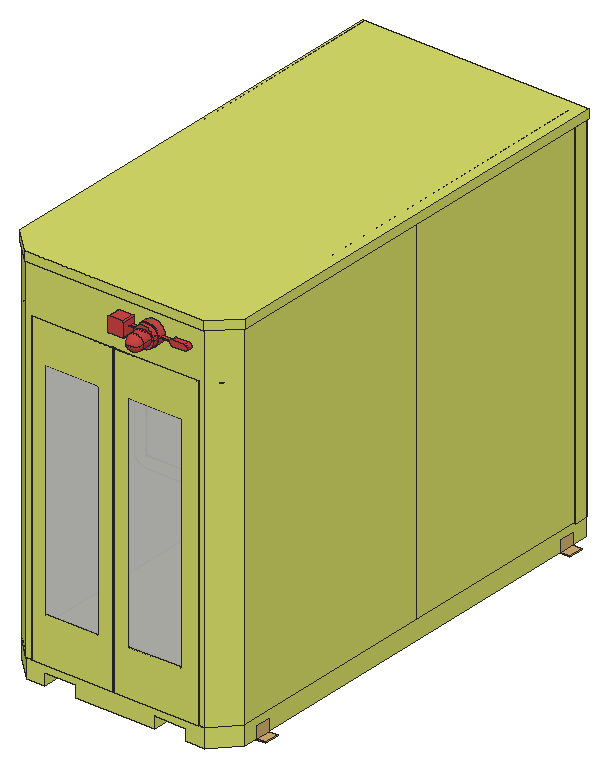
Revit family "Emergency_Equipment-Haws_Corporation-Shower_8710", category Plumbing Fixtures, Revit 2018
Family settings
  Round Connector Dimension = Use Diameter
  Part Type = Normal
  OmniClass Number = 23.45.05.14.17
  OmniClass Title = Showers
  Work Plane-Based = No
  Always vertical = Yes
  Cut with Voids When Loaded = No
  Shared = No
  Room Calculation Point = No
Parameters (values of type "8710 - Outdoor Heated Shower and Eye Face Wash Booth")
  Voltage = 480 V
  Width = 60"  # constant formula
  Vent Connection = no
  URL = "https://www.hawsco.com"
  Type Comments = ""
  Supply Diameter = 1 1/2"  # constant formula
  Sanitary Diameter = 2 3/4"  # constant formula
  Product data url = "https://bimobject.com/hawscorporation/product/haws-8710"
  Product Guid = "3e56c4ea-f3fe-4c8f-8027-c02a97e44249"
  Power Factor = 1  # constant formula
  Phase = 3
  Number of Poles = 1
  Model = "8710"  # constant formula
  Manufacturer = "Haws Corporation"  # constant formula
  Keynote = "12500"
  Height = 102"  # constant formula
  Flow = 20 GPM
  Finish = Metal - Haws Corporation - Green
  Edition number = 1
  Description = "Outdoor Tempered Shower and Eye/Face Wash System"  # constant formula
  Depth = 120"  # constant formula
  Assembly Code = "D2010710"
  Apparent Load = Voltage * 1 A  # 480 VA
Reference planes (in)
  plane 1 "Center Front/Back": y = 0
  plane 2 "Bottom": z = 0
  plane 3 "Center Left/Right": x = 0
  plane 4 "Top": z = 102
  plane 5 "Left": x = -30
  plane 6 "Right": x = 30
  plane 7 "Front": y = -60.5
  plane 8 "Back": y = 59.5
  plane 9: y = -55
  plane 10: z = 96.90625
  plane 11: z = 56.46875
  plane 12: x = -18.125
  plane 13: x = 18.125
  plane 14: z = 101.5
  plane 15: x = 20
  plane 16: z = 75.5
  plane 17: y = 52.5
  plane 18: y = -48.5
  plane 19: z = 82
  plane 20: z = 85
  plane 21: x = 22.875
  plane 22: z = 8
Forms (in)
  Extrusion 1, solid, material "Metal - Haws Corporation - Brass"
    sketch origin (0, 0.3125, 0) x (1, 0, 0) y (0, 0, 1)
      loop
        line (-29.875, 0.1875) -> (-32.1875, 0.1875) -> (-32.1875, 0) -> (-29.6875, 0) -> (-29.6875, 3.2495) -> (-29.875, 3.2495) -> (-29.875, 0.1875)
      loop
        line (29.875, 0.1875) -> (29.875, 3.2495) -> (29.6875, 3.2495) -> (29.6875, 0) -> (32.1875, 0) -> (32.1875, 0.1875) -> (29.875, 0.1875)
    from -54.1875 to -50.1875
  Extrusion 2, solid, material "Metal - Haws Corporation - Brass"
    sketch origin (1.5625, 59.5, 0.65625) x (0, 0, 1) y (-1, 0, 0)
      loop
        line (76.46124, -18.79783) -> (76.24228, -17.54855) -> (75.20408, -16.82001) -> (73.9548, -17.03897) -> (73.22626, -18.07717) -> (73.44522, -19.32645) -> (74.48342, -20.05499) -> (75.7327, -19.83603) -> (76.46124, -18.79783)
    from -3.8225 to -2.8025
  Extrusion 3, solid, material "Metal - Haws Corporation - Brass"
    sketch origin (1.5625, 59.5, 0.65625) x (0, 0, 1) y (-1, 0, 0)
      loop
        line (75.88283, -17.77703) -> (75.11147, -17.23574) -> (74.18328, -17.39842) -> (73.64199, -18.16978) -> (73.80467, -19.09797) -> (74.57603, -19.63926) -> (75.50422, -19.47658) -> (76.04551, -18.70522) -> (75.88283, -17.77703)
    from -4.684 to -1.9375
  Extrusion 4, solid, material "Metal - Haws Corporation - Smokey Pearl"
    sketch origin (1.5625, 59.5, 0.65625) x (0, 0, 1) y (-1, 0, 0)
      loop
        circle (74.84375, -18.4375) r 1
    from 0.3125 to -1.9375
  Extrusion 5, void
    sketch origin (0, 0, 0) x (1, 0, 0) y (0, 0, 1)
      loop
        line (-18.8375, 3.05) -> (-18.8375, 0) -> (-10.5375, 0) -> (-10.5375, 3.05) -> (-18.8375, 3.05)
      loop
        line (18.8375, 3.05) -> (10.5375, 3.05) -> (10.5375, 0) -> (18.8375, 0) -> (18.8375, 3.05)
    from -66.58147 to 64.88087
  Revolve 6, solid, material "Metal - Haws Corporation - Red Powder Coating"
    sketch origin (-71.81029, -45.41027, 94.71875) x (1, 0, 0) y (0, 1, 0)
      loop
        line (84.08243, -20.94402) -> (84.08243, -18.27723) -> (84.80379, -18.27723) -> (84.80379, -17.02723) -> (84.58804, -17.02723) -> (84.58804, -16.90223) -> (84.98129, -16.90223) -> (84.98129, -14.79627) -> (82.06629, -14.79627) -> (82.06629, -22.96015)
        arc (82.06629, -22.96015) -> (83.49192, -22.36964) -> (84.08243, -20.94402) r 2.01614
      axis (82.06629, -22.96015) -> (82.06629, -14.79627)
    angle from 0 to 360
  Extrusion 7, solid, material "Metal - Haws Corporation - Red Powder Coating"
    sketch origin (-6.88125, -6.75, 0) x (1, 0, 0) y (0, 0, 1)
      loop
        line (11.73333, 96.8145) -> (8.20902, 96.8145)
        arc (8.20902, 96.8145) -> (7.99514, 96.72591) -> (7.90654, 96.51202) r 0.30248
        line (7.90654, 96.51202) -> (7.90654, 92.98648)
        arc (7.90654, 92.98648) -> (7.9947, 92.77365) -> (8.20752, 92.6855) r 0.30098
        line (8.20752, 92.6855) -> (11.73239, 92.6855)
        arc (11.73239, 92.6855) -> (11.94675, 92.77429) -> (12.03554, 92.98866) r 0.30316
        line (12.03554, 92.98866) -> (12.03554, 96.51228)
        arc (12.03554, 96.51228) -> (11.94703, 96.72598) -> (11.73333, 96.8145) r 0.30222
    from 53.75 to 57.10823
  Extrusion 8, solid, material "Metal - Haws Corporation - Red Powder Coating"
    sketch origin (53.11875, -14.75, 45.78125) x (1, 0, 0) y (0, 0, 1)
      loop
        line (-33.36743, 49.73375) -> (-36.50433, 49.73375)
        arc (-36.50433, 49.73375) -> (-37.26933, 48.96875) -> (-36.50433, 48.20375) r 0.765
        line (-36.50433, 48.20375) -> (-33.36743, 48.20375)
        arc (-33.36743, 48.20375) -> (-32.60243, 48.96875) -> (-33.36743, 49.73375) r 0.765
    from 45.75 to 47.125
  Sweep 9, solid, material "Metal - Haws Corporation - Red Powder Coating"
    path origin (473.11875, -39.15945, 94.78125) x (0, -1, 0) y (1, 0, 0)
      loop
        line (22.02805, -456.68904) -> (22.02805, -468.43904)
    profile origin (10.55471, -61.1875, 94.78125) x (0, -1, 0) y (0, 0, 1)
      loop
        circle (0, 0) r 0.38267
  Extrusion 10, solid, material "Metal - Haws Corporation - Green" <- "Finish"
    sketch origin (480, -33.03445, 96.40625) x (0, -1, 0) y (1, 0, 0)
      loop
        line (-91.90945, -510) -> (-88.22195, -510) -> (-88.22195, -450) -> (-91.90945, -450)
        arc (-91.90945, -450) -> (-92.13042, -450.09153) -> (-92.22195, -450.3125) r 0.3125
        line (-92.22195, -450.3125) -> (-92.22195, -509.6875)
        arc (-92.22195, -509.6875) -> (-92.13042, -509.90847) -> (-91.90945, -510) r 0.3125
    from -91.40625 to 3.28125
  Extrusion 11, solid, material "Metal - Haws Corporation - Green" <- "Finish"
    sketch origin (480, -33.03445, 96.40625) x (0, -1, 0) y (1, 0, 0)
      loop
        line (-36.03445, -509.6875) -> (21.1682, -509.6875) -> (27.15305, -503.70265) -> (27.15305, -502.16929) -> (26.95305, -502.16929) -> (26.95305, -503.61981) -> (21.08849, -509.48438) -> (-36.03445, -509.48438) -> (-36.03445, -509.6875)
      loop
        line (-36.03445, -450.3125) -> (-36.03445, -450.51562) -> (21.08849, -450.51562) -> (26.95305, -456.38019) -> (26.95305, -457.83071) -> (27.15305, -457.83071) -> (27.15305, -456.29735) -> (21.1682, -450.3125) -> (-36.03445, -450.3125)
    from -91.40625 to -9.40625
  Extrusion 12, solid, material "Metal - Haws Corporation - Green" <- "Finish"
    sketch origin (480, -33.03445, 96.40625) x (0, -1, 0) y (1, 0, 0)
      loop
        line (27.15305, -456.29735) -> (21.1682, -450.3125) -> (20.00984, -450.3125) -> (20.00984, -450.51562) -> (21.19455, -450.51562) -> (27.05305, -456.37412) -> (27.05305, -503.62588) -> (21.19455, -509.48438) -> (20.00984, -509.48438) -> (20.00984, -509.6875) -> (21.1682, -509.6875) -> (27.15305, -503.70265) -> (27.15305, -456.29735)
    from -9.40625 to 3.28125
  Sweep 13, solid, material "Metal - Haws Corporation - Green" <- "Finish"
    path origin (0, 0, 102) x (0, 1, 0) y (-1, 0, 0)
      loop
        line (-53.08945, 27) -> (-57.5, 22.58945) -> (-57.5, -22.58945) -> (-53.08945, -27) -> (56.5, -27) -> (56.5, 27) -> (-53.08945, 27)
    profile origin (-27, 1.70527, 102) x (-1, 0, 0) y (0, 0, 1)
      loop
        line (0, -0.25) -> (2.73437, -0.25) -> (2.73437, -2.3125) -> (3, -2.3125) -> (3, 0) -> (0, 0) -> (0, -0.25)
  Extrusion 14, solid, material "Metal - Haws Corporation - Green" <- "Finish"
    sketch origin (-60.54339, -156, 101.5) x (-1, 0, 0) y (0, -1, 0)
      loop
        line (-30.85589, -212.5) -> (-30.85589, -159) -> (-90.23089, -159) -> (-90.23089, -212.5) -> (-30.85589, -212.5)
    from -96.5 to 0
  Extrusion 15, solid, material "Glazing - Haws Corporation - Glass"
    sketch origin (0, 0, 0) x (1, 0, 0) y (0, 0, 1)
      loop
        arc (-18.51239, 17.58147) -> (-18.40276, 17.31662) -> (-18.13791, 17.20699) r 0.37429
        line (-18.13791, 17.20699) -> (-4.67584, 17.20699)
        arc (-4.67584, 17.20699) -> (-4.41099, 17.31662) -> (-4.30136, 17.58147) r 0.37429
        line (-4.30136, 17.58147) -> (-4.30136, 76.04353)
        arc (-4.30136, 76.04353) -> (-4.41099, 76.30838) -> (-4.67584, 76.41801) r 0.37429
        line (-4.67584, 76.41801) -> (-18.13791, 76.41801)
        arc (-18.13791, 76.41801) -> (-18.40276, 76.30838) -> (-18.51239, 76.04353) r 0.37429
        line (-18.51239, 76.04353) -> (-18.51239, 17.58147)
      loop
        arc (4.05084, 76.41801) -> (3.78599, 76.30838) -> (3.67636, 76.04353) r 0.37429
        line (3.67636, 76.04353) -> (3.67636, 17.58147)
        arc (3.67636, 17.58147) -> (3.78599, 17.31662) -> (4.05084, 17.20699) r 0.37429
        line (4.05084, 17.20699) -> (17.51291, 17.20699)
        arc (17.51291, 17.20699) -> (17.77776, 17.31662) -> (17.88739, 17.58147) r 0.37429
        line (17.88739, 17.58147) -> (17.88739, 76.04353)
        arc (17.88739, 76.04353) -> (17.77776, 76.30838) -> (17.51291, 76.41801) r 0.37429
        line (17.51291, 76.41801) -> (4.05084, 76.41801)
    from 60.32163 to 60.1875
  Extrusion 16, solid, material "Metal - Haws Corporation - Brass"
    sketch origin (0, 0.3125, 0) x (1, 0, 0) y (0, 0, 1)
      loop
        line (-32.1875, 0) -> (-29.6875, 0) -> (-29.6875, 3.2495) -> (-29.875, 3.2495) -> (-29.875, 0.1875) -> (-32.1875, 0.1875) -> (-32.1875, 0)
      loop
        line (32.1875, 0.1875) -> (29.875, 0.1875) -> (29.875, 3.2495) -> (29.6875, 3.2495) -> (29.6875, 0) -> (32.1875, 0) -> (32.1875, 0.1875)
    from 50.8125 to 46.8125
  Extrusion 17, solid, material "Metal - Haws Corporation - Green" <- "Finish"
    sketch origin (0, 0, 0) x (1, 0, 0) y (0, 0, 1)
      loop
        line (-0.57999, 5) -> (-0.57999, 87) -> (-22.16929, 87) -> (-22.16929, 5) -> (-0.57999, 5)
      loop
        line (-0.04501, 87) -> (-0.04501, 5) -> (22.16929, 5) -> (22.16929, 87) -> (-0.04501, 87)
      loop
        line (-4.67584, 76.41801) -> (-18.13791, 76.41801)
        arc (-18.13791, 76.41801) -> (-18.40276, 76.30838) -> (-18.51239, 76.04353) r 0.37429
        line (-18.51239, 76.04353) -> (-18.51239, 17.58147)
        arc (-18.51239, 17.58147) -> (-18.40276, 17.31662) -> (-18.13791, 17.20699) r 0.37429
        line (-18.13791, 17.20699) -> (-4.67584, 17.20699)
        arc (-4.67584, 17.20699) -> (-4.41099, 17.31662) -> (-4.30136, 17.58147) r 0.37429
        line (-4.30136, 17.58147) -> (-4.30136, 76.04353)
        arc (-4.30136, 76.04353) -> (-4.41099, 76.30838) -> (-4.67584, 76.41801) r 0.37429
      loop
        line (17.51291, 76.41801) -> (4.05084, 76.41801)
        arc (4.05084, 76.41801) -> (3.78599, 76.30838) -> (3.67636, 76.04353) r 0.37429
        line (3.67636, 76.04353) -> (3.67636, 17.58147)
        arc (3.67636, 17.58147) -> (3.78599, 17.31662) -> (4.05084, 17.20699) r 0.37429
        line (4.05084, 17.20699) -> (17.51291, 17.20699)
        arc (17.51291, 17.20699) -> (17.77776, 17.31662) -> (17.88739, 17.58147) r 0.37429
        line (17.88739, 17.58147) -> (17.88739, 76.04353)
        arc (17.88739, 76.04353) -> (17.77776, 76.30838) -> (17.51291, 76.41801) r 0.37429
    from 60.1875 to 60.32163
  Sweep 18, solid, material "Metal - Haws Corporation - Green" <- "Finish"
    path origin (0, -55, 126) x (0, 0, 1) y (-1, 0, 0)
      loop
        arc (-51.46875, -4.49375) -> (-51.61337, -4.14462) -> (-51.9625, -4) r 0.49375
        line (-51.9625, -4) -> (-65.0375, -4)
        arc (-65.0375, -4) -> (-65.38663, -4.14462) -> (-65.53125, -4.49375) r 0.49375
        line (-65.53125, -4.49375) -> (-65.53125, -13.63125)
        arc (-65.53125, -13.63125) -> (-65.38663, -13.98038) -> (-65.0375, -14.125) r 0.49375
        line (-65.0375, -14.125) -> (-51.9625, -14.125)
        arc (-51.9625, -14.125) -> (-51.61337, -13.98038) -> (-51.46875, -13.63125) r 0.49375
        line (-51.46875, -13.63125) -> (-51.46875, -4.49375)
    profile origin (9.0625, -55, 74.53125) x (0, 0, 1) y (0, -1, 0)
      loop
        line (3, -0.25) -> (3, 0) -> (0.03125, 0)
        arc (0.03125, 0) -> (0.00915, -0.00915) -> (0, -0.03125) r 0.03125
        line (0, -0.03125) -> (0, -0.21875)
        arc (0, -0.21875) -> (0.00915, -0.24085) -> (0.03125, -0.25) r 0.03125
        line (0.03125, -0.25) -> (3, -0.25)
  Extrusion 19, solid, material "Metal - Haws Corporation - Green" <- "Finish"
    sketch origin (0, 0, 102) x (0, 1, 0) y (-1, 0, 0)
      loop
        line (-53.08945, 27) -> (-57.5, 22.58945) -> (-57.5, -22.58945) -> (-53.08945, -27) -> (56.5, -27) -> (56.5, 27) -> (-53.08945, 27)
    from -0.5 to 0
  Extrusion 20, solid, material "Metal - Haws Corporation - Green" <- "Finish"
    sketch origin (480, -33.03445, 108.90125) x (0, -1, 0) y (1, 0, 0)
      loop
        line (-36.03445, -509.6875) -> (20.00984, -509.6875) -> (20.00984, -509.48438) -> (-36.03445, -509.48438) -> (-36.03445, -509.6875)
      loop
        line (-36.03445, -450.3125) -> (-36.03445, -450.51562) -> (20.00984, -450.51562) -> (20.00984, -450.3125) -> (-36.03445, -450.3125)
    from -21.90125 to -9.21375
  Extrusion 21, solid, material "Metal - Haws Corporation - Green" <- "Finish"
    sketch origin (0, 0, 0) x (1, 0, 0) y (0, 1, 0)
      loop
        line (-29.6875, 59.1875) -> (-29.6875, -54.15088) -> (-23.65088, -60.1875) -> (23.65088, -60.1875) -> (29.6875, -54.15088) -> (29.6875, 59.1875) -> (-29.6875, 59.1875)
    from 0 to 5
  Revolve 22, solid, material "Metal - Haws Corporation - Smokey Pearl"
    sketch origin (22.875, -180, 96) x (0, 0, 1) y (0, -1, 0)
      loop
        line (-14, -239.1875) -> (-14, -244.1875) -> (-13.27, -244.1875) -> (-13.27, -243.7275) -> (-13.19735, -243.7275) -> (-13.19735, -243.1975) -> (-13.40497, -243.1975) -> (-13.40497, -242.7375) -> (-13.47656, -242.7375) -> (-13.47656, -239.1875) -> (-14, -239.1875)
      axis (-14, -244.1875) -> (-14, -239.1875)
    angle from 0 to 360
  Revolve 23, solid, material "Metal - Haws Corporation - Smokey Pearl"
    sketch origin (22.875, -180, 99) x (0, 0, 1) y (0, -1, 0)
      loop
        line (-14, -239.1875) -> (-14, -244.1875) -> (-13.27, -244.1875) -> (-13.27, -243.7275) -> (-13.19735, -243.7275) -> (-13.19735, -243.1975) -> (-13.40497, -243.1975) -> (-13.40497, -242.7375) -> (-13.47656, -242.7375) -> (-13.47656, -239.1875) -> (-14, -239.1875)
      axis (-14, -244.1875) -> (-14, -239.1875)
    angle from 0 to 360
  Revolve 24, solid, material "Metal - Haws Corporation - Brass"
    sketch origin (20.01094, -180, 22) x (0, 0, 1) y (0, -1, 0)
      loop
        line (-14, -239.1875) -> (-14, -244.1875) -> (-13.18038, -244.1875) -> (-13.18038, -243.529) -> (-12.7773, -243.529) -> (-12.7773, -242.714) -> (-13.18038, -242.714) -> (-13.18038, -242.059) -> (-13.3272, -242.059) -> (-13.3272, -239.1875) -> (-14, -239.1875)
      axis (-14, -244.1875) -> (-14, -239.1875)
    angle from 0 to 360
  Extrusion 25, solid, detail levels medium+fine
    sketch origin (0, 0, 0) x (1, 0, 0) y (0, 1, 0)
      loop
        circle (0, -30.5) r 1.5
    from 0 to 1.5134
Cuts and joins
  joined: Extrusion 17, Sweep 18
  joined: Extrusion 2, Extrusion 3
  Extrusion 5 cuts Extrusion 21
  joined: Sweep 13, Extrusion 19
  joined: Extrusion 11, Extrusion 12, Extrusion 20
Lines and regions (in)
  Masking region 1
    outline origin (0, 0, 0) x (1, 0, 0) y (0, 1, 0)
      loop
        line (-30, 59.5) -> (-30, -54.3321) -> (-23.8321, -60.5) -> (23.8321, -60.5) -> (30, -54.3321) -> (30, 59.5) -> (-30, 59.5)
  Masking region 2, detail levels medium+fine
    outline origin (1.5625, 0, 0) x (1, 0, 0) y (0, 1, 0)
      loop
        line (-33.75, -46.5) -> (-33.75, -50.5) -> (-31.5625, -50.5) -> (-31.5625, -46.5) -> (-33.75, -46.5)
      loop
        line (28.4375, -46.5) -> (28.4375, -50.5) -> (30.625, -50.5) -> (30.625, -46.5) -> (28.4375, -46.5)
      loop
        line (-33.75, 54.5) -> (-33.75, 50.5) -> (-31.5625, 50.5) -> (-31.5625, 54.5) -> (-33.75, 54.5)
      loop
        line (28.4375, 50.5) -> (30.625, 50.5) -> (30.625, 54.5) -> (28.4375, 54.5) -> (28.4375, 50.5)
  Masking region 3, detail levels medium+fine
    outline origin (0, -18.5, 0) x (1, 0, 0) y (0, 1, 0)
      loop
        line (1.02062, -42) -> (1.02062, -45.35823) -> (5.15551, -45.35823) -> (5.15551, -43.0702) -> (7.341, -43.0702) -> (7.341, -43.8125) -> (7.73425, -43.8125) -> (7.73425, -43.9375) -> (7.5185, -43.9375) -> (7.5185, -45.1875) -> (8.23986, -45.1875) -> (8.23986, -47.85429)
        arc (8.23986, -47.85429) -> (8.83038, -49.27991) -> (10.256, -49.87043) r 2.01614
        arc (10.256, -49.87043) -> (11.68162, -49.27991) -> (12.27214, -47.85429) r 2.01614
        line (12.27214, -47.85429) -> (12.27214, -45.1875) -> (12.9935, -45.1875) -> (12.9935, -43.9375) -> (12.77775, -43.9375) -> (12.77775, -43.8125) -> (13.171, -43.8125) -> (13.171, -43.06923) -> (15.84717, -43.06923) -> (15.84717, -43.375) -> (20.5239, -43.375) -> (20.5239, -42) -> (15.84579, -42) -> (15.84579, -42.30389) -> (13.171, -42.30389) -> (13.171, -42) -> (7.341, -42) -> (7.341, -42.30417) -> (5.15539, -42.30417) -> (5.15539, -42) -> (1.02062, -42)
  Masking region 4, detail levels medium+fine
    outline origin (1.5625, 5.5, 102) x (0, 1, 0) y (-1, 0, 0)
      loop
        line (58.684, -17.23531) -> (57.8225, -17.23531) -> (57.8225, -16.81981) -> (56.8025, -16.81981) -> (56.8025, -17.23569) -> (55.9375, -17.23569) -> (55.9375, -17.4375) -> (54, -17.4375) -> (54, -19.4375) -> (55.9375, -19.4375) -> (55.9375, -19.63926) -> (56.80214, -19.63926) -> (56.80214, -20.05548) -> (57.8225, -20.05548) -> (57.8225, -19.6403) -> (58.684, -19.6403) -> (58.684, -17.23531)
  Masking region 5, detail levels medium+fine
    outline origin (4.42656, 5.5, 102) x (0, 1, 0) y (-1, 0, 0)
      loop
        line (58.6875, -18.44844) -> (58.6875, -17.71844) -> (58.2275, -17.71844) -> (58.2275, -17.64579) -> (57.6975, -17.64579) -> (57.6975, -17.85341) -> (57.2375, -17.85341) -> (57.2375, -17.925) -> (54, -17.925) -> (54, -18.97188) -> (57.2375, -18.97188) -> (57.2375, -19.04347) -> (57.6975, -19.04347) -> (57.6975, -19.25109) -> (58.2275, -19.25109) -> (58.2275, -19.17844) -> (58.6875, -19.17844) -> (58.6875, -18.44844)
  symbolic lines, detail levels fine
    curve 1: line (5.15539, -60.80417, 0) -> (5.15539, -61.55417, 0)
    curve 2: line (18.78125, 62.3025, 102) -> (21.21875, 62.3025, 102)
    curve 3: line (19, 61.4375, 102) -> (21, 61.4375, 102)
    curve 4: line (12.27214, -63.6875, 102) -> (8.23986, -63.6875, 102)
    curve 5: line (7.73425, -62.3125, 102) -> (12.77775, -62.3125, 102)
    curve 6: line (7.73425, -62.4375, 102) -> (12.9935, -62.4375, 102)
    curve 7: arc (7.341, -60.80417, 102) -> (7.44635, -61.18718, 102) -> (7.341, -61.5702, 102) r 0.74892
    curve 8: arc (13.171, -60.80389, 102) -> (13.07868, -61.18656, 102) -> (13.171, -61.56923, 102) r 0.83926
    curve 9: line (22.07235, 63.7275, 102) -> (23.605, 63.7275, 102)
    curve 10: line (22.27997, 63.1975, 102) -> (23.67765, 63.1975, 102)
    curve 11: line (22.35156, 62.7375, 102) -> (23.39844, 62.7375, 102)
    curve 12: line (18.79781, 63.3225, 102) -> (21.2028, 63.3225, 102)
Dimensions and locks (in)
  locked: Extrusion 8 to Extrusion 8 at 1.375
  "Height": plane 4 "Top" to plane 2 "Bottom"
  locked: plane 4 "Top" to plane 10 at 5.09375
  "Depth": plane 7 "Front" to plane 8 "Back"
  locked: plane 7 "Front" to plane 9 at 5.5
  equal spacing: plane 5 "Left", plane 3 "Center Left/Right", plane 6 "Right"
  "Width": plane 5 "Left" to plane 6 "Right"
  locked: plane 5 "Left" to plane 12 at 11.875
  locked: plane 13 to plane 6 "Right" at 11.875
  plane 3 "Center Left/Right" to Extrusion 5 sketch curve to Extrusion 5 sketch curve = 10.5375", 8.3"
  Extrusion 5 sketch curve to plane 2 "Bottom" = 3.05"
  Extrusion 16 sketch curve to Extrusion 16 sketch curve to plane 2 "Bottom" = 3.062", 3/16" locked
  Extrusion 16 sketch curve to plane 5 "Left" to Extrusion 16 sketch curve = 1/8", 2 3/16"
  locked: plane 4 "Top" to plane 14 at 0.5
  locked: plane 1 "Center Front/Back" to Extrusion 14 sketch curve at 3
  locked: plane 5 "Left" to Extrusion 10 sketch curve at 0.3125
  locked: Extrusion 10 sketch curve to plane 6 "Right" at 0.3125
  Extrusion 2 to Extrusion 2 to Extrusion 3 to plane 8 "Back" = 1.02", 0.865", 1 15/16"
  Extrusion 12 sketch curve to plane 9 = 5.0875"  (x2)
  plane 3 "Center Left/Right" to Extrusion 17 sketch curve to Extrusion 17 sketch curve = 0.04501", 0.53497"
  Sweep 18 sketch curve to Sweep 18 sketch curve to Sweep 18 sketch curve to profile plane = 1/32" locked, 3/16" locked, 1/32" locked
  profile plane to Sweep 18 sketch curve to Sweep 18 sketch curve to Sweep 18 sketch curve = 1/32" locked, 0" locked, 2 31/32" locked
  Sweep 18 sketch curve to Sweep 18 sketch curve to Sweep 18 sketch curve = 0.49375" locked, 0" locked
  Sweep 18 sketch curve to Sweep 18 sketch curve to Sweep 18 sketch curve to plane 11 = 0" locked, 0.49375" locked, 4" locked
  Sweep 18 sketch curve to Sweep 18 sketch curve to Sweep 18 sketch curve to Sweep 18 sketch curve to plane 3 "Center Left/Right" = 0" locked, 9.1375" locked, 0" locked, 4.49375" locked
  plane 9 to Extrusion 7 = 8.85823"
  Sweep 9 sketch curve to Sweep 9 sketch curve to plane 13 = 11 3/4", 1.69529"
  plane 9 to Sweep 9 sketch curve = 5.80483"
  locked: plane 15 to plane 6 "Right" at 10
  locked: plane 16 to plane 2 "Bottom" at 75.5
  plane 5 "Left" to Sweep 13 sketch curve = 3"
  Sweep 13 sketch curve to plane 6 "Right" = 3"
  locked: plane 17 to plane 8 "Back" at 7
  locked: plane 7 "Front" to plane 18 at 12
  Sweep 13 sketch curve to plane 7 "Front" = 3"
  locked: plane 19 to plane 2 "Bottom" at 82
  locked: plane 20 to plane 2 "Bottom" at 85
  locked: plane 21 to plane 6 "Right" at 7.125
  locked: plane 22 to plane 2 "Bottom" at 8
  locked: plane 7 "Front" to Extrusion 25 sketch curve at 30
  radius of Extrusion 4 sketch curve = 1"
  aligned and locked: level to plane 2 "Bottom"
  aligned and locked: plane 2 "Bottom" to Extrusion 5 sketch curve
  aligned and locked: profile plane to plane 4 "Top"
  aligned and locked: plane 14 to Extrusion 14
  aligned and locked: Extrusion 10 sketch curve to plane 5 "Left"
  aligned and locked: Extrusion 4 to Extrusion 3
  aligned and locked: Sweep 18 sketch curve to profile plane
  aligned and locked: profile plane to Sweep 18 sketch curve
  aligned and locked: profile plane to Sweep 9 sketch curve  (x2)
  aligned and locked: Extrusion 19 to plane 14
  aligned and locked: plane 4 "Top" to Extrusion 19
  aligned and locked: plane 5 "Left" to Masking region 1 sketch curve
  aligned and locked: Masking region 1 sketch curve to plane 6 "Right"
  aligned and locked: Masking region 2 sketch curve to Extrusion 16  (x4)
  aligned and locked: Masking region 2 sketch curve to Extrusion 1  (x3)
  aligned and locked: Extrusion 1 to Masking region 2 sketch curve
  aligned and locked: Masking region 3 to curve 1
  aligned and locked: curve 1 to Masking region 3
  aligned and locked: Masking region 4 to curve 2
  aligned and locked: Masking region 4 to curve 3
Automatic sketch dimensions
  curve 1 to curve 1 = 3/4"
  Extrusion 1 sketch curve to level = 0"  (x2)
  level to Extrusion 1 sketch curve = 3/16"  (x2)
  Extrusion 1 sketch curve to plane 5 "Left" = 2 3/16"
  plane 5 "Left" to Extrusion 1 sketch curve = 1/8"
  Extrusion 1 sketch curve to Extrusion 1 sketch curve = 3/16"
  Extrusion 1 sketch curve to plane 6 "Right" = 5/16"
  Extrusion 1 sketch curve to plane 6 "Right" = 1/8"
  plane 6 "Right" to Extrusion 1 sketch curve = 2 3/16"
  Extrusion 1 sketch curve to Extrusion 1 sketch curve = 3.062"  (x2)
  Extrusion 2 sketch curve to plane 15 = 0.36033"
  Extrusion 2 sketch curve to plane 16 = 1.61749"
  Extrusion 2 sketch curve to Extrusion 2 sketch curve = 0.21896"
  Extrusion 2 sketch curve to plane 16 = 0.88895"
  Extrusion 2 sketch curve to plane 16 = 0.36033"
  plane 16 to Extrusion 2 sketch curve = 0.36033"
  plane 16 to Extrusion 2 sketch curve = 0.88895"
  Extrusion 2 sketch curve to Extrusion 2 sketch curve = 1.0382"  (x2)
  plane 15 to Extrusion 2 sketch curve = 0.36033"
  Extrusion 2 sketch curve to Extrusion 2 sketch curve = 0.72855"
  plane 15 to Extrusion 2 sketch curve = 0.88895"
  Extrusion 2 sketch curve to plane 21 = 1.25751"
  Extrusion 2 sketch curve to plane 15 = 0.88895"
  plane 13 to Extrusion 2 sketch curve = 0.47647"
  plane 13 to Extrusion 2 sketch curve = 0.25751"
  Extrusion 3 sketch curve to plane 15 = 0.26772"
  Extrusion 3 sketch curve to plane 16 = 1.20176"
  Extrusion 3 sketch curve to Extrusion 3 sketch curve = 0.16268"  (x2)
  Extrusion 3 sketch curve to plane 16 = 0.66047"
  Extrusion 3 sketch curve to plane 16 = 0.26772"
  plane 16 to Extrusion 3 sketch curve = 0.26772"
  plane 16 to Extrusion 3 sketch curve = 0.66047"
  Extrusion 3 sketch curve to Extrusion 3 sketch curve = 0.77136"  (x2)
  plane 15 to Extrusion 3 sketch curve = 0.26772"
  Extrusion 3 sketch curve to Extrusion 3 sketch curve = 0.54129"
  plane 15 to Extrusion 3 sketch curve = 0.66047"
  Extrusion 3 sketch curve to plane 15 = 0.66047"
  plane 13 to Extrusion 3 sketch curve = 107/128"
  plane 13 to Extrusion 3 sketch curve = 0.67324"
  Extrusion 4 sketch curve to plane 15 = 0"
  Extrusion 4 sketch curve to plane 16 = 0"
  Extrusion 5 sketch curve to level = 0"
  Extrusion 5 sketch curve to plane 13 = 7.5875"
  plane 13 to Extrusion 5 sketch curve = 0.7125"
  Extrusion 5 sketch curve to Extrusion 5 sketch curve = 3.05"
  Revolve 6 sketch curve to plane 13 = 7.869"
  Revolve 6 sketch curve to Revolve 6 sketch curve = 2.01614"
  Revolve 6 sketch curve to Revolve 6 sketch curve = 0.50561"
  Revolve 6 sketch curve to Revolve 6 sketch curve = 0.21575"
  Revolve 6 sketch curve to plane 7 "Front" = 0.29345"
  Revolve 6 sketch curve to Revolve 6 sketch curve = 0.39325"
  plane 7 "Front" to Revolve 6 sketch curve = 1 13/16"
  Revolve 6 sketch curve to Revolve 6 sketch curve = 1/8"
  Revolve 6 sketch curve to Revolve 6 sketch curve = 1 1/4"
  Revolve 6 sketch curve to Revolve 6 sketch curve = 2.66679"
  Revolve 6 sketch curve to Revolve 6 sketch curve = 0"
  plane 7 "Front" to Revolve 6 sketch curve = 1"
  Revolve 6 sketch curve to Revolve 6 sketch curve = 0.20655"
  Extrusion 7 sketch curve to plane 10 = 0.39423"
  plane 3 "Center Left/Right" to Extrusion 7 sketch curve = 1.02529"
  Extrusion 7 sketch curve to Extrusion 7 sketch curve = 0.30098"
  Extrusion 7 sketch curve to Extrusion 7 sketch curve = 0.30248"
  Extrusion 7 sketch curve to Extrusion 7 sketch curve = 3.52487"
  Extrusion 7 sketch curve to plane 10 = 0.39397"
  Extrusion 7 sketch curve to Extrusion 7 sketch curve = 0.00094"
  Extrusion 7 sketch curve to Extrusion 7 sketch curve = 3.52363"
  Extrusion 8 sketch curve to plane 13 = 1.51059"
  Extrusion 8 sketch curve to plane 15 = 0.24868"
  Extrusion 8 sketch curve to plane 10 = 2.92125"
  Extrusion 8 sketch curve to Extrusion 8 sketch curve = 0.765"
  plane 7 "Front" to Sweep 9 sketch curve = 11/16"
  Extrusion 10 sketch curve to plane 6 "Right" = 0"
  plane 8 "Back" to Extrusion 10 sketch curve = 5/16"
  plane 17 to Extrusion 10 sketch curve = 2 11/16"
  plane 5 "Left" to Extrusion 11 sketch curve = 5/16"
  Extrusion 11 sketch curve to plane 1 "Center Front/Back" = 3"  (x2)
  Extrusion 11 sketch curve to plane 6 "Right" = 5/16"
  Extrusion 11 sketch curve to plane 9 = 0.87706"  (x2)
  Extrusion 11 sketch curve to Extrusion 11 sketch curve = 0.07972"  (x2)
  Extrusion 11 sketch curve to plane 7 "Front" = 0.5125"  (x2)
  Extrusion 11 sketch curve to Extrusion 11 sketch curve = 0.2"  (x2)
  Extrusion 11 sketch curve to Extrusion 11 sketch curve = 13/64"  (x2)
  Extrusion 11 sketch curve to plane 12 = 5.57765"
  Extrusion 11 sketch curve to Extrusion 11 sketch curve = 0.08284"  (x2)
  Extrusion 11 sketch curve to Extrusion 11 sketch curve = 1.45052"
  Extrusion 11 sketch curve to plane 21 = 0.70571"
  plane 21 to Extrusion 11 sketch curve = 0.74481"
  Extrusion 12 sketch curve to plane 9 = 0.771"  (x2)
  Extrusion 12 sketch curve to Extrusion 12 sketch curve = 0.02635"  (x2)
  plane 5 "Left" to Extrusion 12 sketch curve = 5/16"
  Extrusion 12 sketch curve to Extrusion 12 sketch curve = 1.15836"  (x2)
  Extrusion 12 sketch curve to plane 6 "Right" = 33/64"
  Extrusion 12 sketch curve to Extrusion 12 sketch curve = 0.1"
  Extrusion 12 sketch curve to Extrusion 12 sketch curve = 13/64"  (x2)
  Extrusion 12 sketch curve to plane 12 = 5.57765"
  Extrusion 12 sketch curve to Extrusion 12 sketch curve = 0.07678"  (x2)
  plane 21 to Extrusion 12 sketch curve = 0.75088"
  Sweep 13 sketch curve to plane 9 = 1.91055"  (x2)
  plane 8 "Back" to Sweep 13 sketch curve = 3"
  Sweep 13 sketch curve to plane 21 = 0.28555"
  Sweep 13 sketch curve to plane 12 = 4.46445"
  Sweep 13 sketch curve to plane 4 "Top" = 0"
  Sweep 13 sketch curve to profile plane = 0"
  Sweep 13 sketch curve to plane 4 "Top" = 1/4"
  Sweep 13 sketch curve to profile plane = 2 47/64"
  Sweep 13 sketch curve to Sweep 13 sketch curve = 17/64"
  Sweep 13 sketch curve to Sweep 13 sketch curve = 2 1/16"
  Extrusion 14 sketch curve to plane 6 "Right" = 5/16"
  plane 5 "Left" to Extrusion 14 sketch curve = 5/16"
  plane 8 "Back" to Extrusion 14 sketch curve = 3"
  Extrusion 15 sketch curve to plane 12 = 0.38739"
  Extrusion 15 sketch curve to plane 12 = 0.0131"  (x2)
  Extrusion 15 sketch curve to plane 12 = 0.01291"  (x2)
  plane 16 to Extrusion 15 sketch curve = 0.91801"
  Extrusion 15 sketch curve to plane 3 "Center Left/Right" = 4.67584"  (x2)
  Extrusion 15 sketch curve to Extrusion 15 sketch curve = 0.00019"  (x9)
  Extrusion 15 sketch curve to Extrusion 15 sketch curve = 0.37429"  (x6)
  plane 3 "Center Left/Right" to Extrusion 15 sketch curve = 3.67636"
  Extrusion 15 sketch curve to plane 13 = 0.61209"  (x2)
  Extrusion 15 sketch curve to plane 13 = 0.23761"
  plane 16 to Extrusion 15 sketch curve = 0.54372"
  plane 22 to Extrusion 15 sketch curve = 9.58147"  (x3)
  Extrusion 15 sketch curve to Extrusion 15 sketch curve = 0"
  Extrusion 16 sketch curve to level = 0"  (x2)
  Extrusion 16 sketch curve to Extrusion 16 sketch curve = 3/16"
  Extrusion 16 sketch curve to plane 6 "Right" = 5/16"
  Extrusion 16 sketch curve to plane 6 "Right" = 1/8"
  level to Extrusion 16 sketch curve = 3/16"
  plane 6 "Right" to Extrusion 16 sketch curve = 2 3/16"
  Extrusion 16 sketch curve to Extrusion 16 sketch curve = 3.062"
  plane 16 to Extrusion 17 sketch curve = 0.54353"  (x4)
  Extrusion 17 sketch curve to plane 3 "Center Left/Right" = 4.30136"
  Extrusion 17 sketch curve to Extrusion 17 sketch curve = 0.37429"  (x5)
  Extrusion 17 sketch curve to Extrusion 17 sketch curve = 0.00019"  (x10)
  Extrusion 17 sketch curve to plane 12 = 0.01291"  (x2)
  Extrusion 17 sketch curve to plane 12 = 0.0131"  (x2)
  plane 20 to Extrusion 17 sketch curve = 2"
  Extrusion 17 sketch curve to plane 12 = 4.04429"
  plane 3 "Center Left/Right" to Extrusion 17 sketch curve = 3.67636"
  Extrusion 17 sketch curve to plane 13 = 0.61209"  (x2)
  Extrusion 17 sketch curve to plane 13 = 0.23761"
  Extrusion 17 sketch curve to plane 21 = 0.70571"
  plane 22 to Extrusion 17 sketch curve = 9.58147"  (x3)
  Extrusion 17 sketch curve to Extrusion 17 sketch curve = 0"  (x2)
  Extrusion 17 sketch curve to plane 22 = 3"  (x2)
  Sweep 18 sketch curve to plane 16 = 1.4625"
  Extrusion 19 sketch curve to plane 21 = 0.28555"
  plane 9 to Extrusion 19 sketch curve = 2 1/2"
  Extrusion 19 sketch curve to plane 9 = 1.91055"  (x2)
  plane 8 "Back" to Extrusion 19 sketch curve = 3"
  Extrusion 19 sketch curve to plane 6 "Right" = 3"
  Extrusion 19 sketch curve to plane 12 = 4.46445"
  plane 5 "Left" to Extrusion 19 sketch curve = 3"
  plane 7 "Front" to Masking region 1 sketch curve = 0"
  plane 8 "Back" to Masking region 1 sketch curve = 0"
  Masking region 1 sketch curve to plane 12 = 5.7071"
  plane 21 to Masking region 1 sketch curve = 0.9571"
  Masking region 1 sketch curve to plane 9 = 0.6679"  (x2)
  Masking region 2 sketch curve to plane 5 "Left" = 0"  (x2)
  Masking region 2 sketch curve to plane 6 "Right" = 0"  (x2)
  Masking region 2 sketch curve to plane 5 "Left" = 2 3/16"  (x2)
  plane 6 "Right" to Masking region 2 sketch curve = 2 3/16"  (x2)
  Masking region 3 sketch curve to Masking region 3 sketch curve = 0"  (x3)
  plane 7 "Front" to Masking region 3 sketch curve = 0"  (x3)
  plane 3 "Center Left/Right" to Masking region 3 sketch curve = 1.02062"
  plane 7 "Front" to Masking region 3 sketch curve = 0.30417"
  Masking region 3 sketch curve to Masking region 3 sketch curve = 4.13476"
  Masking region 3 sketch curve to Masking region 3 sketch curve = 0.00012"
  plane 7 "Front" to Masking region 3 sketch curve = 1.0702"
  Masking region 3 sketch curve to Masking region 3 sketch curve = 2.18549"
  Masking region 3 sketch curve to Masking region 3 sketch curve = 0.1775"  (x2)
  Masking region 3 sketch curve to Masking region 3 sketch curve = 0.21575"
  Masking region 3 sketch curve to Masking region 3 sketch curve = 0.72136"  (x2)
  Masking region 3 sketch curve to Masking region 3 sketch curve = 2.01614"
  Masking region 3 sketch curve to Masking region 3 sketch curve = 0.50561"
  plane 7 "Front" to Masking region 3 sketch curve = 0.30389"
  Masking region 3 sketch curve to Masking region 3 sketch curve = 0.39325"
  Masking region 3 sketch curve to plane 13 = 2.27921"
  Masking region 3 sketch curve to Masking region 3 sketch curve = 0.00138"
  plane 15 to Masking region 3 sketch curve = 0.5239"
  Masking region 3 sketch curve to Masking region 3 sketch curve = 1.07111"
  Masking region 3 sketch curve to Masking region 3 sketch curve = 1.50861"
  Masking region 3 sketch curve to Masking region 3 sketch curve = 0.7423"
  Masking region 3 sketch curve to Masking region 3 sketch curve = 1/8"  (x2)
  Masking region 3 sketch curve to Masking region 3 sketch curve = 1 1/4"  (x2)
  plane 7 "Front" to Masking region 3 sketch curve = 3.35823"
  Masking region 3 sketch curve to Masking region 3 sketch curve = 2.66679"
  Masking region 3 sketch curve to Masking region 3 sketch curve = 0.74327"
  plane 8 "Back" to Masking region 4 sketch curve = 0"
  Masking region 4 sketch curve to plane 8 "Back" = 1 15/16"  (x2)
  plane 13 to Masking region 4 sketch curve = 0.67319"
  Masking region 4 sketch curve to Masking region 4 sketch curve = 0.86464"
  Masking region 4 sketch curve to Masking region 4 sketch curve = 0.865"
  Masking region 4 sketch curve to Masking region 4 sketch curve = 1.02"
  Masking region 4 sketch curve to Masking region 4 sketch curve = 1.02036"
  Masking region 4 sketch curve to Masking region 4 sketch curve = 0.8615"
  plane 13 to Masking region 4 sketch curve = 7/8"
  plane 15 to Masking region 4 sketch curve = 1"
  Masking region 4 sketch curve to Masking region 4 sketch curve = 0.20176"
  Masking region 4 sketch curve to Masking region 4 sketch curve = 0.00104"
  Masking region 4 sketch curve to Masking region 4 sketch curve = 0.41621"
  plane 13 to Masking region 4 sketch curve = 0.67281"
  plane 13 to Masking region 4 sketch curve = 0.25731"
  plane 5 "Left" to Extrusion 20 sketch curve = 5/16"
  Extrusion 20 sketch curve to plane 1 "Center Front/Back" = 3"  (x2)
  Extrusion 20 sketch curve to plane 6 "Right" = 5/16"
  Extrusion 20 sketch curve to plane 9 = 1.95571"  (x2)
  plane 5 "Left" to Extrusion 20 sketch curve = 33/64"
  Extrusion 20 sketch curve to Extrusion 20 sketch curve = 13/64"
  plane 5 "Left" to Extrusion 21 sketch curve = 5/16"
  Extrusion 21 sketch curve to plane 7 "Front" = 5/16"
  Extrusion 21 sketch curve to plane 12 = 5.52588"
  plane 21 to Extrusion 21 sketch curve = 0.77588"
  Extrusion 21 sketch curve to plane 6 "Right" = 5/16"
  Extrusion 21 sketch curve to plane 9 = 0.84912"  (x2)
  plane 8 "Back" to Extrusion 21 sketch curve = 5/16"
  Revolve 22 sketch curve to plane 19 = 0"  (x2)
  Revolve 22 sketch curve to Revolve 22 sketch curve = 67/128"
  Revolve 22 sketch curve to Revolve 22 sketch curve = 0.07159"
  Revolve 22 sketch curve to Revolve 22 sketch curve = 0.13497"
  Revolve 22 sketch curve to Revolve 22 sketch curve = 0.07265"
  Revolve 22 sketch curve to plane 8 "Back" = 4 11/16"
  Revolve 22 sketch curve to Revolve 22 sketch curve = 0.46"  (x2)
  Revolve 22 sketch curve to Revolve 22 sketch curve = 0.53"
  plane 8 "Back" to Revolve 22 sketch curve = 5/16"
  Revolve 22 sketch curve to Revolve 22 sketch curve = 0"
  Revolve 22 sketch curve to Revolve 22 sketch curve = 1/2"
  Revolve 23 sketch curve to plane 20 = 0"  (x2)
  Revolve 23 sketch curve to Revolve 23 sketch curve = 67/128"
  Revolve 23 sketch curve to Revolve 23 sketch curve = 0.07159"
  Revolve 23 sketch curve to Revolve 23 sketch curve = 0.13497"
  Revolve 23 sketch curve to Revolve 23 sketch curve = 0.07265"
  Revolve 23 sketch curve to plane 8 "Back" = 4 11/16"
  Revolve 23 sketch curve to Revolve 23 sketch curve = 0.46"  (x2)
  Revolve 23 sketch curve to Revolve 23 sketch curve = 0.53"
  plane 8 "Back" to Revolve 23 sketch curve = 5/16"
  Revolve 23 sketch curve to Revolve 23 sketch curve = 0"
  Revolve 23 sketch curve to Revolve 23 sketch curve = 1/2"
  Revolve 24 sketch curve to plane 22 = 0"  (x2)
  plane 8 "Back" to Revolve 24 sketch curve = 5/16"
  Revolve 24 sketch curve to Revolve 24 sketch curve = 0.6728"
  plane 22 to Revolve 24 sketch curve = 0.81962"
  Revolve 24 sketch curve to Revolve 24 sketch curve = 0.14682"
  Revolve 24 sketch curve to Revolve 24 sketch curve = 0.40309"
  Revolve 24 sketch curve to plane 8 "Back" = 2.559"
  Revolve 24 sketch curve to Revolve 24 sketch curve = 0.655"
  Revolve 24 sketch curve to Revolve 24 sketch curve = 0.815"
  Revolve 24 sketch curve to Revolve 24 sketch curve = 0.6585"
  Revolve 24 sketch curve to Revolve 24 sketch curve = 0"
  Revolve 24 sketch curve to Revolve 24 sketch curve = 1/2"
  Extrusion 25 sketch curve to plane 3 "Center Left/Right" = 0"
  plane 8 "Back" to Masking region 5 sketch curve = 0"
  Masking region 5 sketch curve to plane 21 = 0"
  Masking region 5 sketch curve to plane 21 = 0.59503"
  Masking region 5 sketch curve to plane 8 "Back" = 3.2375"
  plane 21 to Masking region 5 sketch curve = 67/128"
  Masking region 5 sketch curve to Masking region 5 sketch curve = 0"
  Masking region 5 sketch curve to Masking region 5 sketch curve = 0.46"  (x3)
  Masking region 5 sketch curve to Masking region 5 sketch curve = 0.53"  (x2)
  Masking region 5 sketch curve to Masking region 5 sketch curve = 0.07159"  (x2)
  plane 21 to Masking region 5 sketch curve = 0.73"
  Masking region 5 sketch curve to Masking region 5 sketch curve = 0.20762"  (x2)
  Masking region 5 sketch curve to Masking region 5 sketch curve = 0.73"
  plane 7 "Front" to curve 8 = 0.68656"
  plane 7 "Front" to curve 7 = 0.68718"
  curve 8 to plane 13 = 4.20706"
  plane 3 "Center Left/Right" to curve 7 = 6.69743"
  plane 7 "Front" to curve 8 = 0.30389"
  plane 7 "Front" to curve 7 = 0.30417"
  curve 8 to curve 8 = 0.76533"
  curve 7 to curve 7 = 0.38301"
  curve 5 to curve 7 = 0.7423"
  curve 6 to curve 5 = 1/8"
  curve 4 to curve 6 = 1 1/4"
  curve 11 to plane 21 = 67/128"
  curve 2 to curve 11 = 0.435"
  curve 11 to curve 10 = 0.46"
  curve 2 to curve 12 = 1.02"
  curve 10 to curve 9 = 0.53"
  plane 13 to curve 2 = 21/32"
  plane 13 to curve 12 = 0.67281"
  plane 13 to curve 3 = 7/8"
  plane 15 to curve 3 = 1"
  plane 15 to curve 12 = 1.2028"
  curve 2 to curve 3 = 7/32"
  curve 9 to plane 21 = 0.80265"
  curve 11 to curve 10 = 0.07159"
  plane 21 to curve 11 = 67/128"
  plane 21 to curve 9 = 0.73"
  curve 10 to curve 9 = 0.07265"
  curve 8 to curve 8 = 0.74694"
  curve 8 to curve 6 = 0.1775"
  curve 6 to curve 5 = 0.21575"
  curve 6 to curve 4 = 0.72136"
  curve 4 to curve 7 = 1.54244"
  curve 4 to curve 5 = 0.50561"
  curve 6 to curve 5 = 0"
  curve 7 to curve 7 = 0.64357"
  radius of Extrusion 25 sketch curve = 1 1/2"
Connectors (in)
  piping at (20, 64.184, 75.5), diameter 1.5, driven by "Supply Diameter", driven by "Flow"
    settings: on Extrusion 3, index 2, connector inside diameter 24", connector length 0", flow factor 0, pipe flow 20 GPM, pressure drop 0.00 psi, fitting loss kfactor 0, connector angle 0.00°, fixture units 0, engagement length 0", angle of deflection 0.00°, flow configuration 0, flow direction 1, fitting loss method 0, system type 20, joint type 0, gender type 0, connector reference index -1, connector utility 0, adjustable connector no, is connector primary yes, connector description "Cold Water Supply"
  piping at (0, -30.5, 0), diameter 3
    settings: on Extrusion 25, index 5, connector inside diameter 24", connector length 0", flow factor 0, pipe flow 0 GPM, pressure drop 0.00 psi, fitting loss kfactor 0, connector angle 0.00°, fixture units 0, engagement length 0", angle of deflection 0.00°, flow configuration 0, flow direction 2, fitting loss method 0, system type 16, joint type 0, gender type 0, connector reference index -1, connector utility 0, adjustable connector no, is connector primary no, connector description "Drain"
  piping at (20.01094, 64.1875, 8), diameter 1
    settings: on Revolve 24, index 6, connector inside diameter 24", connector length 0", flow factor 0, pipe flow 0 GPM, pressure drop 0.00 psi, fitting loss kfactor 0, connector angle 0.00°, fixture units 0, engagement length 0", angle of deflection 0.00°, flow configuration 0, flow direction 2, fitting loss method 0, system type 16, joint type 0, gender type 0, connector reference index -1, connector utility 0, adjustable connector no, is connector primary no, connector description "Sanitary Connection"
  electrical at (22.875, 64.1875, 85), driven by "Voltage", driven by "Power Factor", driven by "Apparent Load"
    settings: on Revolve 23, index 7, voltage 480 V, apparent load 0 VA, apparent load phase1 480 VA, apparent load phase2 0 VA, apparent load phase3 0 VA, power factor 1, load classification "Other", number of poles 1, system type 31, power factor state 1, is connector primary yes, connector utility no, sub classification motor no, connector description "Power Connection"
  electrical at (22.875, 64.1875, 82)
    settings: on Revolve 22, index 8, voltage 0 V, apparent load 0 VA, apparent load phase1 0 VA, apparent load phase2 0 VA, apparent load phase3 0 VA, power factor 1, load classification "Other", number of poles 1, system type 14, power factor state 1, is connector primary no, connector utility no, sub classification motor no, connector description "Alarm Dry Contacts"
